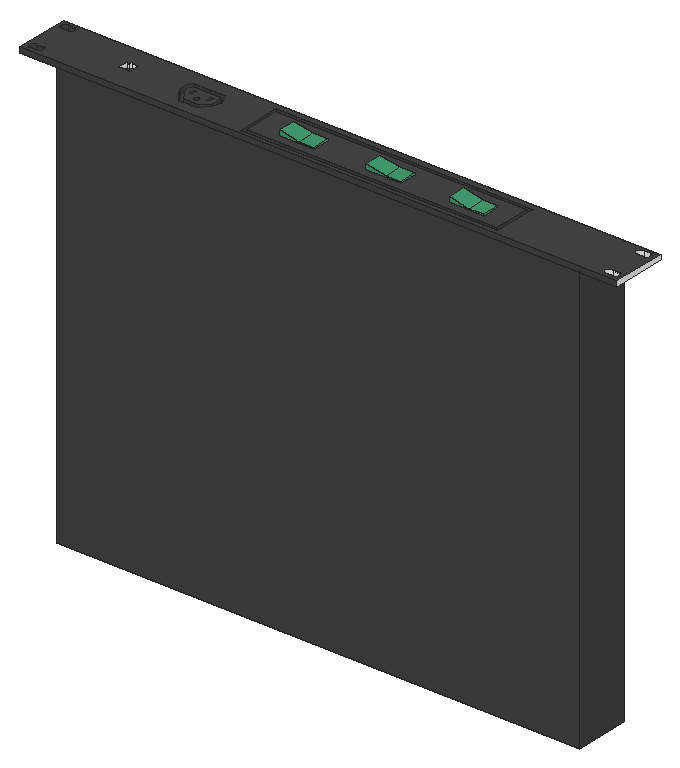
Revit family "Digital_Media-Honeywell-Main_Switching_Unit-583371-21", category Electrical Equipment, host Face, Revit 2017
Family settings
  Host = Face
  Round Connector Dimension = Use Diameter
  Part Type = Equipment Switch
  OmniClass Number = 23.85.50.00
  OmniClass Title = Communication Systems
  Cut with Voids When Loaded = No
  Shared = No
  Room Calculation Point = No
Parameters (values of type "Mains Switching Unit MSU - 583371.21")
  Width = 483 mm  # constant formula
  Weight = 4.19998 kgf  # constant formula
  Watts = 50 W
  Voltage = "90"
  Version = "2017 - v1.0a"  # constant formula
  Utility = no
  Rated current = "18 A"  # constant formula
  Power Factor = 1
  Number of Poles = 1
  Manufacturer Phone Number = "02131/40615-600"  # constant formula
  Manufacturer Fax Number = "02131/40615-606"  # constant formula
  Manufacturer Email = "mailto:info@esser-systems.com"
  Manufacturer Address = "Dieselstr. 2 41469 Neuss Germany"  # constant formula
  Load Sub-Classification = no
  Frequency = 47 Hz
  Finish = Metal - Honeywell - Stainless Steel - Black
  URL = "www.esser-systems.com"
  Support Phone = "(224) 699-9545"  # constant formula
  Support Email = "mailto:support@anguleris.com"
  Product Page URL = "https://www.esser-systems.com/en/products/details/variodyn-d1/mains-switching-unit/58337121-mains-switching-unit-msu/"
  Product Name = "MSU"  # constant formula
  Product Documentation Link = "https://www.esser-systems.com/en/products/details/variodyn-d1/mains-switching-unit/58337121-mains-switching-unit-msu/download/productdatasheet/3000896"
  Model = "583371.21"  # constant formula
  Material = ""
  Manufacturer = "Honeywell International"  # constant formula
  Keynote = ""
  Height = 44 mm  # constant formula
  Description = "Mains Switching Unit MSU"  # constant formula
  Depth = 345 mm  # constant formula
  Default Elevation = 1219.2 mm
  Copyright = "© Copyright 2005-2019 Honeywell International Inc. All rights reserved."  # constant formula
  Constraints = 1
  Assembly Code = ""
  Apparent Load = 0 VA
  Ambient Temperature = "-5 °C ... 55 °C"  # constant formula
  Air Humidity = "15 ... 90 % "  # constant formula
Reference planes
  plane 1 "Center (Front/Back)": y = 317.025
  plane 2: z = 0
  plane 3 "Center (Left/Right)": x = 0
  plane 4: y = -880.175
  plane 5: x = -241.5
  plane 6: x = 241.5
  plane 7: y = 339.025
  plane 8: y = 295.025
  plane 9 "Back": z = -345
  plane 10: z = 10.875
  plane 11: x = -158.75
Forms (mm)
  Extrusion 1, void
    sketch origin (0, 0, 0) x (1, 0, 0) y (0, 1, 0)
      loop
        line (-241.5, 339.025) -> (-241.5, 295.025) -> (241.5, 295.025) -> (241.5, 339.025) -> (-241.5, 339.025)
    from -345 to 10.875
  Extrusion 2, solid, material "Metal - Honeywell - Stainless Steel - Black" <- "Finish"
    sketch origin (0, 0, 0) x (1, 0, 0) y (0, 1, 0)
      loop
        line (241.5, 295.025) -> (241.5, 339.025) -> (-241.5, 339.025) -> (-241.5, 295.025) -> (241.5, 295.025)
      loop
        arc (-235.25, 336.051) -> (-238.398, 332.904) -> (-235.25, 329.756) r 3.148
        line (-235.25, 329.756) -> (-230.408, 329.756)
        arc (-230.408, 329.756) -> (-227.26, 332.904) -> (-230.408, 336.051) r 3.148
        line (-230.408, 336.051) -> (-235.25, 336.051)
      loop
        line (-235.25, 297.999) -> (-230.408, 297.999)
        arc (-230.408, 297.999) -> (-227.26, 301.147) -> (-230.408, 304.295) r 3.148
        line (-230.408, 304.295) -> (-235.25, 304.295)
        arc (-235.25, 304.295) -> (-238.398, 301.147) -> (-235.25, 297.999) r 3.148
      loop
        line (235.25, 336.051) -> (230.408, 336.051)
        arc (230.408, 336.051) -> (227.26, 332.904) -> (230.408, 329.756) r 3.148
        line (230.408, 329.756) -> (235.25, 329.756)
        arc (235.25, 329.756) -> (238.398, 332.904) -> (235.25, 336.051) r 3.148
      loop
        arc (235.25, 297.999) -> (238.398, 301.147) -> (235.25, 304.295) r 3.148
        line (235.25, 304.295) -> (230.408, 304.295)
        arc (230.408, 304.295) -> (227.26, 301.147) -> (230.408, 297.999) r 3.148
        line (230.408, 297.999) -> (235.25, 297.999)
      loop
        arc (-126.349, 326.568) -> (-128.791, 319.289) -> (-126.349, 312.009) r 12.072
        line (-126.349, 312.009) -> (-120.028, 303.647) -> (-105.028, 303.647) -> (-99.277, 310.683)
        arc (-99.277, 310.683) -> (-96.761, 318.93) -> (-100.759, 326.568) r 11.363
        line (-100.759, 326.568) -> (-126.349, 326.568)
      loop
        arc (-123.624, 323.535) -> (-125.14, 318.726) -> (-123.624, 313.918) r 8.383
        line (-123.624, 313.918) -> (-118.792, 307.017) -> (-106.545, 307.017) -> (-100.759, 314.096)
        arc (-100.759, 314.096) -> (-100.436, 318.88) -> (-101.584, 323.535) r 15.564
        line (-101.584, 323.535) -> (-123.624, 323.535)
      loop
        line (-120.478, 319.377) -> (-120.478, 315.445) -> (-118.343, 315.445) -> (-118.343, 319.377) -> (-120.478, 319.377)
      loop
        line (-106.545, 319.377) -> (-106.545, 315.445) -> (-104.297, 315.445) -> (-104.297, 319.377) -> (-106.545, 319.377)
      loop
        circle (-112.365, 312.009) r 1.895
      loop
        line (-167.173, 321.639) -> (-168.579, 321.639) -> (-169.906, 323.535) -> (-173.683, 323.535) -> (-174.191, 321.639) -> (-176.26, 321.639) -> (-176.26, 313.734) -> (-167.173, 313.734) -> (-167.173, 321.639)
      loop
        line (-65.396, 333.193) -> (-65.396, 298.193) -> (142.525, 298.193) -> (142.525, 333.193) -> (-65.396, 333.193)
      loop
        line (-63.136, 330.933) -> (-63.136, 300.933) -> (139.813, 300.933) -> (139.813, 330.933) -> (-63.136, 330.933)
    from 0 to 4
  Extrusion 3, solid, material "Metal - Honeywell - Stainless Steel - Black"
    sketch origin (0, 0, 0) x (1, 0, 0) y (0, 1, 0)
      loop
        line (-211.379, 339.025) -> (-211.379, 295.025) -> (211.5, 295.025) -> (211.5, 339.025) -> (-211.379, 339.025)
    from 0 to -345
  Extrusion 4, solid, material "Plastic -Honeywell - Green"
    sketch origin (142.37, 317.025, 3.75) x (1, 0, 0) y (0, 0, 1)
      loop
        line (-47.37, 3.971) -> (-47.37, 0) -> (-19.44, 0) -> (-19.44, 1.185) -> (-31.57, 1.185) -> (-47.37, 3.971)
      loop
        line (-114.722, 3.971) -> (-114.722, 0) -> (-86.792, 0) -> (-86.792, 1.185) -> (-98.922, 1.185) -> (-114.722, 3.971)
      loop
        line (-184.722, 3.971) -> (-184.722, 0) -> (-156.792, 0) -> (-156.792, 1.185) -> (-168.922, 1.185) -> (-184.722, 3.971)
    from -5.849 to 8.527
Lines and regions (mm)
  Masking region 1
    outline origin (0, 317.025, 0) x (1, 0, 0) y (0, 0, 1)
      loop
        line (-241.5, -345) -> (241.5, -345) -> (241.5, 4) -> (-241.5, 4) -> (-241.5, -345)
  Split face 1
    outline origin (3.75, 10, 4) x (1, 0, 0) y (0, 1, 0)
      loop
        line (-165.165, 321.69) -> (-165.165, 325.173) -> (-187.765, 325.173) -> (-187.765, 321.69) -> (-165.165, 321.69)
  Split face 2
    outline origin (-21.532, 9.57, 4) x (1, 0, 0) y (0, 1, 0)
      loop
        line (-115.229, 325.173) -> (-115.229, 321.69) -> (-66.797, 321.69) -> (-66.797, 325.173) -> (-115.229, 325.173)
  Split face 3
    outline origin (0, 0, 4) x (1, 0, 0) y (0, 1, 0)
      loop
        line (178.589, 339.025) -> (178.589, 295.025)
  Split face 4
    outline origin (0, 0, 4) x (1, 0, 0) y (0, 1, 0)
      loop
        arc (156.441, 323.912) -> (152.644, 319.304) -> (155.239, 313.927) r 5.538
        arc (155.239, 313.927) -> (157.25, 313.357) -> (159.262, 313.927) r 3.837
        line (159.262, 313.927) -> (162.32, 319.573)
        arc (162.32, 319.573) -> (164.395, 318.108) -> (163, 315.985) r 1.827
        line (163, 315.985) -> (163, 313.224)
        arc (163, 313.224) -> (166.981, 317.224) -> (165.424, 322.649) r 5.57
        arc (165.424, 322.649) -> (162.823, 323.555) -> (160.222, 322.649) r 4.186
        line (160.222, 322.649) -> (157.097, 316.88)
        arc (157.097, 316.88) -> (155.244, 318.552) -> (156.441, 320.742) r 2.013
        line (156.441, 320.742) -> (156.441, 323.912)
  Split face 5
    outline origin (0, 0, 4) x (1, 0, 0) y (0, 1, 0)
      loop
        line (152.854, 336.914) -> (152.854, 333.098) -> (163.633, 333.098)
        arc (163.633, 333.098) -> (164.659, 330.653) -> (163.633, 328.209) r 3.423
        line (163.633, 328.209) -> (152.854, 328.209) -> (152.854, 324.35) -> (163.641, 324.35)
        arc (163.641, 324.35) -> (167.383, 330.632) -> (163.641, 336.914) r 7.144
        line (163.641, 336.914) -> (152.854, 336.914)
  Split face 6
    outline origin (0, 0, 4) x (1, 0, 0) y (0, 1, 0)
      loop
        line (152.854, 311.003) -> (152.854, 306.249) -> (161.675, 304.295) -> (152.854, 302.34) -> (152.854, 297.586) -> (166.643, 297.586) -> (166.643, 300.092) -> (159.705, 300.092) -> (166.141, 302.308) -> (166.141, 304.295) -> (166.141, 306.282) -> (159.705, 308.498) -> (166.643, 308.498) -> (166.643, 311.003) -> (152.854, 311.003)
  Split face 7
    outline origin (-241.5, 339.025, 0) x (1, 0, 0) y (0, 0, -1)
      loop
        line (420.212, -4) -> (420.212, 0)
  Split face 8
    outline origin (241.5, 295.025, 0) x (-1, 0, 0) y (0, 0, -1)
      loop
        line (62.911, -4) -> (62.911, 0)
  Split face 9
    outline origin (0, 0, 4) x (1, 0, 0) y (0, 1, 0)
      loop
        line (-179.511, 325.481) -> (-179.511, 312.109) -> (-164.198, 312.109) -> (-164.198, 325.481) -> (-179.511, 325.481)
Dimensions and locks
  "Default Elevation": plane 4 to plane 7
  plane 10 to Masking region 1 = 6.875 mm
  "Depth": level to plane 9 "Back"
  "Height": plane 8 to plane 7
  equal spacing: plane 5, plane 3 "Center (Left/Right)", plane 6
  "Width": plane 5 to plane 6
  equal spacing: plane 8, plane 1 "Center (Front/Back)", plane 7
  locked: plane 10 to level at 10.875
  locked: plane 5 to Extrusion 3 sketch curve at 30.121
  locked: Extrusion 3 sketch curve to plane 6 at 30
  locked: Extrusion 2 to level at 4
  Extrusion 2 sketch curve to Extrusion 2 sketch curve to Extrusion 2 sketch curve to Extrusion 2 sketch curve to plane 3 "Center (Left/Right)" to Extrusion 2 sketch curve to Extrusion 2 sketch curve to Extrusion 2 sketch curve to Extrusion 2 sketch curve = 0 mm locked, 11.139 mm locked, 0 mm locked, 227.26 mm locked, 227.26 mm, 0 mm locked, 11.139 mm locked, 0 mm locked
  Extrusion 2 sketch curve to Extrusion 2 sketch curve to Extrusion 2 sketch curve to Extrusion 2 sketch curve to plane 1 "Center (Front/Back)" to Extrusion 2 sketch curve to Extrusion 2 sketch curve to Extrusion 2 sketch curve to Extrusion 2 sketch curve = 0 mm locked, 6.296 mm locked, 0 mm locked, 12.73 mm, 12.73 mm, 0 mm locked, 6.296 mm locked, 0 mm locked
  locked: host sketch curve to plane 3 "Center (Left/Right)" at 1219.2  (x12)
  locked: host sketch curve to plane 1 "Center (Front/Back)" at 1536.225  (x6)
  locked: host sketch curve to plane 1 "Center (Front/Back)" at 902.175  (x6)
  locked: Extrusion 1 sketch curve to plane 3 "Center (Left/Right)" at 241.5  (x12)
  locked: Extrusion 1 sketch curve to plane 1 "Center (Front/Back)" at 22  (x12)
  locked: Extrusion 3 to plane 3 "Center (Left/Right)" at 211.379  (x2)
  locked: Extrusion 3 to plane 3 "Center (Left/Right)" at 211.5  (x2)
  locked: Extrusion 3 sketch curve to plane 3 "Center (Left/Right)" at 211.5  (x6)
  locked: Extrusion 3 sketch curve to plane 3 "Center (Left/Right)" at 211.379  (x6)
  locked: Extrusion 3 to plane 1 "Center (Front/Back)" at 22  (x4)
  locked: Extrusion 3 sketch curve to plane 1 "Center (Front/Back)" at 22  (x12)
  locked: Extrusion 3 to level at 345  (x2)
  locked: Extrusion 4 to plane 3 "Center (Left/Right)" at 95  (x2)
  locked: Extrusion 4 to plane 3 "Center (Left/Right)" at 122.93  (x2)
  locked: Extrusion 4 to plane 3 "Center (Left/Right)" at 27.648  (x2)
  locked: Extrusion 4 to plane 3 "Center (Left/Right)" at 55.578  (x2)
  locked: Extrusion 4 to plane 3 "Center (Left/Right)" at 42.352  (x2)
  locked: Extrusion 4 to plane 3 "Center (Left/Right)" at 14.422  (x2)
  locked: Extrusion 4 sketch curve to plane 3 "Center (Left/Right)" at 122.93  (x6)
  locked: Extrusion 4 sketch curve to plane 3 "Center (Left/Right)" at 95  (x6)
  locked: Extrusion 4 sketch curve to plane 3 "Center (Left/Right)" at 55.578  (x6)
  locked: Extrusion 4 sketch curve to plane 3 "Center (Left/Right)" at 27.648  (x6)
  locked: Extrusion 4 sketch curve to plane 3 "Center (Left/Right)" at 14.422  (x6)
  locked: Extrusion 4 sketch curve to plane 3 "Center (Left/Right)" at 42.352  (x6)
  locked: Extrusion 4 to plane 1 "Center (Front/Back)" at 8.527  (x2)
  locked: Extrusion 4 to plane 1 "Center (Front/Back)" at 5.849  (x2)
  locked: Extrusion 4 to level at 3.75  (x6)
  locked: Extrusion 4 to level at 4.935  (x6)
  locked: Extrusion 4 sketch curve to level at 4.935  (x18)
  locked: Extrusion 4 sketch curve to level at 3.75  (x18)
  aligned and locked: plane 2 to host face
  aligned and locked: Masking region 1 sketch curve to plane 9 "Back"
  aligned and locked: Masking region 1 to plane 6
  aligned and locked: Masking region 1 to plane 5
  aligned and locked: Extrusion 1 to plane 9 "Back"
  aligned and locked: plane 10 to Extrusion 1
  aligned and locked: plane 7 to Extrusion 3 sketch curve
  aligned and locked: Extrusion 3 sketch curve to plane 8
  aligned and locked: Extrusion 3 to plane 9 "Back"
  aligned and locked: level to Extrusion 3
  aligned and locked: Masking region 1 to Extrusion 2
Automatic sketch dimensions
  Masking region 1 sketch curve to plane 10 = 6.875 mm
  Masking region 1 sketch curve to plane 11 = 82.75 mm
  Masking region 1 sketch curve to plane 6 = 0 mm
  Extrusion 2 to Split face 3 sketch curve = 0 mm
  Split face 3 sketch curve to Extrusion 2 = 0 mm
  Split face 7 sketch curve to Extrusion 2 = 0 mm  (x2)
  Split face 7 sketch curve to Extrusion 2 = 62.788 mm
  Split face 8 sketch curve to Extrusion 2 = 0 mm  (x2)
  Split face 8 sketch curve to Extrusion 2 = 62.911 mm
  Extrusion 2 to Split face 1 sketch curve = 1.934 mm
  Split face 1 sketch curve to Extrusion 2 = 57.485 mm
  Extrusion 2 to Split face 1 sketch curve = 0.878 mm
  Split face 1 sketch curve to Split face 1 sketch curve = 22.6 mm
  Extrusion 2 to Split face 2 sketch curve = 1.504 mm
  Split face 2 sketch curve to Extrusion 2 = 104.739 mm
  Split face 2 sketch curve to Split face 2 sketch curve = 48.432 mm
  Extrusion 2 to Split face 2 sketch curve = 1.309 mm
  Split face 3 sketch curve to Extrusion 2 = 62.911 mm
  Split face 5 sketch curve to Extrusion 2 = 0.863 mm
  Split face 5 sketch curve to Extrusion 2 = 88.646 mm
  Extrusion 2 to Split face 5 sketch curve = 0.877 mm
  Split face 5 sketch curve to Split face 5 sketch curve = 7.384 mm
  Split face 5 sketch curve to Split face 5 sketch curve = 0.998 mm
  Split face 5 sketch curve to Extrusion 2 = 1.546 mm
  Split face 5 sketch curve to Split face 5 sketch curve = 2.397 mm  (x2)
  Split face 5 sketch curve to Split face 5 sketch curve = 0.008 mm  (x2)
  Extrusion 2 to Split face 5 sketch curve = 0.898 mm
  Split face 5 sketch curve to Split face 5 sketch curve = 0 mm
  Split face 4 sketch curve to Extrusion 2 = 9.014 mm
  Split face 4 sketch curve to Extrusion 2 = 85.059 mm
  Split face 4 sketch curve to Split face 4 sketch curve = 0.788 mm
  Split face 4 sketch curve to Split face 4 sketch curve = 0.021 mm
  Split face 4 sketch curve to Split face 4 sketch curve = 0.913 mm
  Split face 4 sketch curve to Extrusion 2 = 9.632 mm
  Split face 4 sketch curve to Split face 4 sketch curve = 2.012 mm
  Split face 4 sketch curve to Extrusion 2 = 7.107 mm
  Split face 4 sketch curve to Split face 4 sketch curve = 3.781 mm
  Split face 4 sketch curve to Split face 4 sketch curve = 3.445 mm
  Split face 4 sketch curve to Split face 4 sketch curve = 1.013 mm
  Split face 4 sketch curve to Split face 4 sketch curve = 3.739 mm
  Split face 4 sketch curve to Split face 4 sketch curve = 0.702 mm
  Split face 4 sketch curve to Split face 4 sketch curve = 3.548 mm
  Split face 4 sketch curve to Split face 4 sketch curve = 4.543 mm
  Split face 4 sketch curve to Split face 4 sketch curve = 0.844 mm
  Split face 4 sketch curve to Split face 4 sketch curve = 1.448 mm
  Split face 4 sketch curve to Split face 4 sketch curve = 0.247 mm
  Split face 4 sketch curve to Split face 4 sketch curve = 0.758 mm
  Split face 4 sketch curve to Split face 4 sketch curve = 3.17 mm
  Split face 4 sketch curve to Split face 4 sketch curve = 0.153 mm
  Split face 4 sketch curve to Split face 4 sketch curve = 0.733 mm
  Split face 4 sketch curve to Split face 4 sketch curve = 0.503 mm
  Split face 4 sketch curve to Split face 4 sketch curve = 1.783 mm
  Extrusion 2 to Split face 6 sketch curve = 0 mm  (x2)
  Split face 6 sketch curve to Extrusion 2 = 6.708 mm
  Split face 6 sketch curve to Extrusion 2 = 88.646 mm
  Extrusion 2 to Split face 6 sketch curve = 1.954 mm
  Split face 6 sketch curve to Split face 6 sketch curve = 0 mm
  Split face 6 sketch curve to Extrusion 2 = 4.203 mm
  Split face 6 sketch curve to Split face 6 sketch curve = 6.851 mm  (x2)
  Extrusion 2 to Split face 6 sketch curve = 2.093 mm
  Split face 6 sketch curve to Split face 6 sketch curve = 1.97 mm
  Split face 6 sketch curve to Extrusion 2 = 1.987 mm
  Split face 6 sketch curve to Split face 6 sketch curve = 4.466 mm
  Split face 6 sketch curve to Split face 6 sketch curve = 0.503 mm  (x2)
  Split face 6 sketch curve to Extrusion 2 = 0.413 mm
  Split face 6 sketch curve to Split face 6 sketch curve = 1.987 mm
  Split face 6 sketch curve to Extrusion 2 = 1.954 mm
  Split face 9 sketch curve to Extrusion 2 = 1.625 mm
  Split face 9 sketch curve to Extrusion 2 = 3.251 mm
  Split face 9 sketch curve to Extrusion 2 = 2.975 mm
  Extrusion 2 to Split face 9 sketch curve = 1.087 mm
  Extrusion 2 sketch curve to plane 5 = 0 mm
  Extrusion 2 sketch curve to plane 6 = 0 mm
  plane 8 to Extrusion 2 sketch curve = 0 mm
  plane 7 to Extrusion 2 sketch curve = 0 mm
  Extrusion 2 sketch curve to plane 1 "Center (Front/Back)" = 4.614 mm  (x2)
  Extrusion 2 sketch curve to plane 11 = 17.51 mm
  Extrusion 2 sketch curve to Extrusion 2 sketch curve = 2.069 mm
  Extrusion 2 sketch curve to Extrusion 2 sketch curve = 0.508 mm
  Extrusion 2 sketch curve to Extrusion 2 sketch curve = 3.777 mm
  Extrusion 2 sketch curve to Extrusion 2 sketch curve = 1.327 mm
  Extrusion 2 sketch curve to Extrusion 2 sketch curve = 1.406 mm
  plane 1 "Center (Front/Back)" to Extrusion 2 sketch curve = 5.016 mm  (x2)
  plane 11 to Extrusion 2 sketch curve = 32.401 mm
  Extrusion 2 sketch curve to plane 1 "Center (Front/Back)" = 9.543 mm
  Extrusion 2 sketch curve to Extrusion 2 sketch curve = 0 mm
  Extrusion 2 sketch curve to Extrusion 2 sketch curve = 2.726 mm  (x2)
  plane 1 "Center (Front/Back)" to Extrusion 2 sketch curve = 3.108 mm
  plane 1 "Center (Front/Back)" to Extrusion 2 sketch curve = 1.581 mm  (x2)
  Extrusion 2 sketch curve to Extrusion 2 sketch curve = 3.146 mm
  Extrusion 2 sketch curve to plane 8 = 8.621 mm
  Extrusion 2 sketch curve to Extrusion 2 sketch curve = 6.321 mm
  Extrusion 2 sketch curve to Extrusion 2 sketch curve = 1.236 mm
  Extrusion 2 sketch curve to Extrusion 2 sketch curve = 2.135 mm
  Extrusion 2 sketch curve to Extrusion 2 sketch curve = 1.586 mm
  Extrusion 2 sketch curve to Extrusion 2 sketch curve = 0.038 mm
  Extrusion 2 sketch curve to plane 1 "Center (Front/Back)" = 0.498 mm
  Extrusion 2 sketch curve to Extrusion 2 sketch curve = 0.815 mm
  Extrusion 2 sketch curve to Extrusion 2 sketch curve = 3.576 mm
  Extrusion 2 sketch curve to plane 1 "Center (Front/Back)" = 0.849 mm
  Extrusion 2 sketch curve to Extrusion 2 sketch curve = 4.291 mm
  Extrusion 2 sketch curve to Extrusion 2 sketch curve = 1.53 mm
  plane 1 "Center (Front/Back)" to Extrusion 2 sketch curve = 10.008 mm
  Extrusion 2 sketch curve to Extrusion 2 sketch curve = 5.82 mm
  Extrusion 2 sketch curve to Extrusion 2 sketch curve = 1.516 mm
  Extrusion 2 sketch curve to Extrusion 2 sketch curve = 2.247 mm
  Extrusion 2 sketch curve to Extrusion 2 sketch curve = 2.713 mm
  Extrusion 2 sketch curve to Extrusion 2 sketch curve = 0.826 mm
  plane 1 "Center (Front/Back)" to Extrusion 2 sketch curve = 2.929 mm
  Extrusion 2 sketch curve to Extrusion 2 sketch curve = 3.539 mm
  plane 1 "Center (Front/Back)" to Extrusion 2 sketch curve = 6.342 mm
  plane 7 to Extrusion 2 sketch curve = 5.832 mm
  Extrusion 2 sketch curve to Extrusion 2 sketch curve = 35.363 mm
  Extrusion 2 sketch curve to Extrusion 2 sketch curve = 2.26 mm  (x2)
  Extrusion 2 sketch curve to plane 8 = 5.908 mm
  Extrusion 2 sketch curve to Extrusion 2 sketch curve = 90.594 mm
  Extrusion 2 sketch curve to Extrusion 2 sketch curve = 2.712 mm
  Extrusion 2 sketch curve to plane 8 = 3.168 mm
  plane 1 "Center (Front/Back)" to Extrusion 2 sketch curve = 3.291 mm
  Extrusion 2 sketch curve to plane 1 "Center (Front/Back)" = 2.352 mm
  Extrusion 2 sketch curve to Extrusion 2 sketch curve = 1.503 mm
  Extrusion 2 sketch curve to Extrusion 2 sketch curve = 1.895 mm
  Extrusion 4 sketch curve to plane 10 = 3.154 mm  (x3)
  plane 11 to Extrusion 4 sketch curve = 132.197 mm
  Extrusion 4 sketch curve to Extrusion 4 sketch curve = 12.13 mm  (x2)
  radius of Extrusion 2 sketch curve = 1.895 mm
Connectors
  electrical at (200, 320, -345), driven by "Power Factor", driven by "Number of Poles", driven by "Apparent Load"
    settings: index 1, voltage 90 V, apparent load 0 VA, apparent load phase1 0 VA, apparent load phase2 0 VA, apparent load phase3 0 VA, power factor 1, load classification "Other", number of poles 1, system type 31, power factor state 1, is connector primary yes, connector utility no, sub classification motor no, connector description "Electrical Connector"
  electrical at (-171.854, 318.795, 4)
    settings: on Extrusion 2, index 4, voltage 0 V, apparent load 0 VA, apparent load phase1 0 VA, apparent load phase2 0 VA, apparent load phase3 0 VA, power factor 1, load classification "Other", number of poles 1, system type 5, power factor state 1, is connector primary no, connector utility no, sub classification motor no, connector description "Ethernet"
  electrical at (-112.365, 312.009, 4)
    settings: on Extrusion 2, index 5, voltage 0 V, apparent load 0 VA, apparent load phase1 0 VA, apparent load phase2 0 VA, apparent load phase3 0 VA, power factor 1, load classification "Other", number of poles 1, system type 31, power factor state 1, is connector primary no, connector utility no, sub classification motor no, connector description ""
